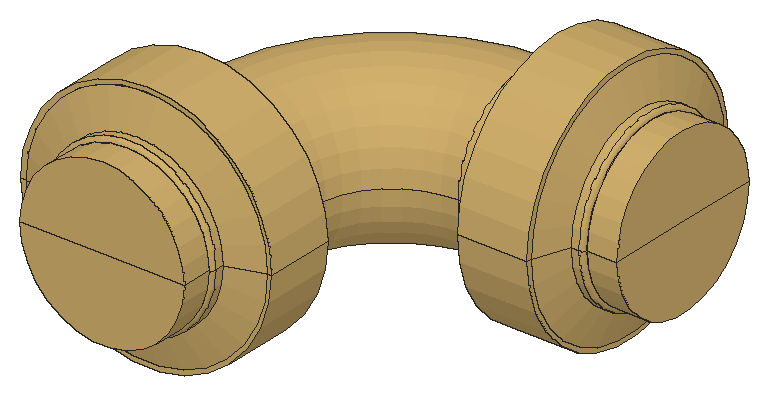
Revit family "tc", category Pipe Fittings, Revit 2018
Family settings
  Round Connector Dimension = Use Diameter
  Part Type = Elbow
  OmniClass Number = 23.27.43.00
  Work Plane-Based = No
  Always vertical = Yes
  Cut with Voids When Loaded = No
  Shared = No
Parameters (values of type "90130-80-110-168")
  URL = "https://www.aignep.com/"
  Tick Size [instance] = Nominal Diameter * 0.4  # 67.20 mm
  QR code = "https://www.bimobject.com/aignep/product/elbow-connector-90130-80-110-168"
  Product url = "https://www.aignep.com/eng/Pipe-fittings-INFINITY/Air-Pipeline-INFINITY-Series/ELBOW-CONNECTOR2"
  Product name = "Elbow Connector 90130"
  Product group = "Fittings"
  Product family = "INFINITY"
  Product data url = "https://www.bimobject.com/aignep/product/elbow-connector-90130-80-110-168"
  Product certification = "https://www.aignep.com/eng/Certificazioni/FREE-OF-SILICON"
  Product SKU = "Elbow-Connector-90130-80-110-168"
  Product Material = AIGNEP - Brass - Yellow
  Product Guid = "f8e249cf-ef4c-4725-8d01-a2e5ac593bd8"
  OmniClass Description = "Pipe Fittings"
  OmniClass Code = "23-27 43 00"
  Nominal Diameter [instance] = 168.00 mm
  Model = "90130-80-110-168"
  Material main = "Aluminium"
  Manufacturer name = "Aignep Spa"
  Manufacturer country = "Italy"
  Manufacturer = "Aignep Spa"
  Lookup Table Name = "90130_80-110-168"  # constant formula
  L [instance] = size_lookup(Lookup Table Name, "L", 0.00 mm, D)  # 393.00 mm
  Keynote = "15410"
  IFC Classification = "Pipe Fitting"
  H_Outside [instance] = size_lookup(Lookup Table Name, "H_Outside", 0.00 mm, D)  # 37.00 mm
  H_Nut [instance] = size_lookup(Lookup Table Name, "H_Nut", 0.00 mm, D)  # 125.00 mm
  Edition number = 1
  E [instance] = size_lookup(Lookup Table Name, "E", 0.00 mm, D)  # 306.00 mm
  Design country = "Italy"
  Description = "Elbow Conector"  # constant formula
  D [instance] = Nominal Diameter  # 168.00 mm
  CH [instance] = size_lookup(Lookup Table Name, "CH", 0.00 mm, D)  # 10.00 mm
  Outside Diameter [instance] = size_lookup(Lookup Table Name, "Outside Diameter", 0.00 mm, D)  # 200.00 mm
  C [instance] = size_lookup(Lookup Table Name, "C", 0.00 mm, D)  # 81.50 mm
  BIMobject category = "Joints"
  B [instance] = size_lookup(Lookup Table Name, "B", 0.00 mm, D)  # 194.00 mm
  Assembly Code = "D2040100"
  Article Code [instance] = size_lookup(Lookup Table Name, "", "NA", D)  # "90130 00 009"
Reference planes
  plane 1 "Center (Front/Back)": y = -11.5
  plane 2: z = 0
  plane 3 "Center (Left/Right)": x = 0
  plane 4: x = 81.5
  plane 5: x = 393
  plane 6: x = -84
  plane 7: x = 84
  plane 8: x = -153
  plane 9: x = 153
  plane 10: y = 88.5
  plane 11: y = -111.5
  plane 12: y = -210.5
  plane 13: y = 141.5
  plane 14: y = -164.5
  plane 15: y = 72.5
  plane 16: y = -95.5
  plane 17: x = 231
  plane 18: x = 356
  plane 19: y = -242.5
  plane 20: y = -367.5
  plane 21: y = -404.5
  plane 22: x = 199
  plane 23: x = -100
  plane 24: x = 100
  plane 25: x = -153
  plane 26: x = -32.938
Forms (mm)
  Revolve 1, solid, material "AIGNEP - Brass - Yellow" <- "Product Material", detail levels fine
    sketch origin (0, 0, 0) x (1, 0, 0) y (0, 1, 0)
      loop
        line (356, 88.5) -> (356, -11.5) -> (393, -11.5) -> (393, 88.5) -> (356, 88.5)
      axis (356, -11.5) -> (393, -11.5)
    angle from 0 to 360
  Revolve 2, solid, material "AIGNEP - Brass - Yellow" <- "Product Material", detail levels fine
    sketch origin (0, 0, 0) x (1, 0, 0) y (0, 1, 0)
      loop
        line (0, -367.5) -> (0, -404.5) -> (100, -404.5) -> (100, -367.5) -> (0, -367.5)
      axis (0, -367.5) -> (0, -404.5)
    angle from 0 to 360
  Sweep 3, solid, material "AIGNEP - Brass - Yellow" <- "Product Material", detail levels fine
    path origin (0, 0, 0) x (1, 0, 0) y (0, 1, 0)
      loop
        line (0, -242.5) -> (0, -210.5)
        arc (0, -210.5) -> (58.286, -69.786) -> (199, -11.5) r 199
        line (199, -11.5) -> (231, -11.5)
    profile origin (0, -226.5, 0) x (-1, 0, 0) y (0, 0, 1)
      loop
        circle (0, 0) r 100
  Revolve 4, solid, material "AIGNEP - Brass - Yellow" <- "Product Material", detail levels fine
    sketch origin (0, 0, 0) x (1, 0, 0) y (0, 1, 0)
      loop
        line (241, -164.5) -> (326, -164.5) -> (326, -158.971) -> (340.452, -116.5) -> (350.452, -116.5)
        arc (350.452, -116.5) -> (354.375, -114.875) -> (356, -110.952) r 5.548
        line (356, -110.952) -> (356, -11.5) -> (231, -11.5) -> (231, -111.5) -> (241, -143.949) -> (241, -164.5)
      axis (231, -11.5) -> (356, -11.5)
    angle from 0 to 360
  Revolve 5, solid, material "AIGNEP - Brass - Yellow" <- "Product Material", detail levels fine
    sketch origin (0, 0, 0) x (1, 0, 0) y (0, 1, 0)
      loop
        line (153, -252.5) -> (141.114, -252.5) -> (100, -242.5) -> (0, -242.5) -> (0, -367.5) -> (100, -367.5)
        arc (100, -367.5) -> (103.25, -365.252) -> (104.5, -361.504) r 6.245
        line (104.5, -361.504) -> (104.5, -351.504) -> (147.471, -337.5) -> (153, -337.5) -> (153, -252.5)
      axis (0, -242.5) -> (0, -367.5)
    angle from 0 to 360
Lines and regions (mm)
  model lines, detail levels coarse+medium
    curve 1: line (393, 55.7, 0) -> (393, -78.7, 0)
    curve 2: line (-67.2, -404.5, 0) -> (67.2, -404.5, 0)
    curve 3: arc (393, -11.5, 0) -> (108.476, -119.976, 0) -> (0, -404.5, 0) r 372.419
Dimensions and locks
  "L": plane 3 "Center (Left/Right)" to plane 5
  "C": plane 3 "Center (Left/Right)" to plane 4
  equal spacing: plane 6, plane 3 "Center (Left/Right)", plane 7
  "D": plane 6 to plane 7
  equal spacing: plane 8, plane 3 "Center (Left/Right)", plane 9
  "E": plane 8 to plane 9
  equal spacing: plane 10, plane 1 "Center (Front/Back)", plane 11
  "Outside Diameter": plane 10 to plane 11
  equal spacing: plane 13, plane 1 "Center (Front/Back)", plane 14
  "E": plane 13 to plane 14
  equal spacing: plane 15, plane 1 "Center (Front/Back)", plane 16
  "D": plane 15 to plane 16
  "H_Nut": plane 17 to plane 18
  "L": plane 21 to plane 1 "Center (Front/Back)"
  "B": plane 22 to plane 5
  "B": plane 12 to plane 21
  "H_Nut": plane 19 to plane 20
  "H_Outside": plane 18 to plane 5
  "H_Outside": plane 20 to plane 21
  equal spacing: plane 23, plane 3 "Center (Left/Right)", plane 24
  "Outside Diameter": plane 23 to plane 24
  locked: Revolve 5 sketch curve to Revolve 5 sketch curve at 10
  locked: Revolve 5 sketch curve to Revolve 2 at 30
  Revolve 5 sketch curve to Revolve 5 sketch curve = 14.004 mm
  locked: Revolve 4 sketch curve to Revolve 4 sketch curve at 10
  locked: Revolve 4 sketch curve to Revolve 4 sketch curve at 30
  locked: Revolve 4 sketch curve to Revolve 4 sketch curve at 14.452
  locked: plane 24 to Revolve 5 sketch curve at 4.5
  locked: Revolve 4 sketch curve to plane 11 at 5
  locked: Revolve 4 sketch curve to Revolve 4 sketch curve at 20.551
  "Tick Size": plane 1 "Center (Front/Back)" to curve 1
  "Tick Size": curve 1 to plane 1 "Center (Front/Back)"
  "Tick Size": curve 2 to plane 3 "Center (Left/Right)"
  "Tick Size": plane 3 "Center (Left/Right)" to curve 2
  "Outside Diameter": diameter of Sweep 3 sketch curve
  aligned and locked: level to plane 2
  aligned and locked: plane 10 to Revolve 1 sketch curve
  aligned and locked: plane 18 to Revolve 1 sketch curve
  aligned and locked: Revolve 1 sketch curve to plane 1 "Center (Front/Back)"
  aligned and locked: plane 1 "Center (Front/Back)" to Revolve 1 sketch curve
  aligned and locked: plane 3 "Center (Left/Right)" to Revolve 2 sketch curve
  aligned and locked: Revolve 2 sketch curve to plane 20
  aligned and locked: Revolve 2 sketch curve to plane 21
  aligned and locked: Revolve 2 sketch curve to plane 3 "Center (Left/Right)"
  aligned and locked: Revolve 2 sketch curve to plane 24
  aligned and locked: plane 12 to Sweep 3 sketch curve
  aligned and locked: plane 3 "Center (Left/Right)" to Sweep 3 sketch curve
  aligned and locked: plane 1 "Center (Front/Back)" to Sweep 3 sketch curve
  aligned and locked: plane 17 to Sweep 3 sketch curve
  aligned and locked: plane 19 to Sweep 3 sketch curve
  aligned and locked: plane 1 "Center (Front/Back)" to Revolve 4 sketch curve  (x2)
  aligned and locked: plane 3 "Center (Left/Right)" to Revolve 5 sketch curve
  aligned and locked: Revolve 5 sketch curve to plane 20
  aligned and locked: Revolve 5 sketch curve to plane 19
  aligned and locked: Revolve 5 sketch curve to plane 3 "Center (Left/Right)"
  aligned and locked: plane 24 to Revolve 5 sketch curve  (x2)
  aligned and locked: plane 9 to Revolve 5 sketch curve
  aligned and locked: Revolve 4 sketch curve to plane 18
  aligned and locked: plane 14 to Revolve 4 sketch curve
  aligned and locked: Revolve 4 sketch curve to plane 11
  aligned and locked: Revolve 5 to plane 19
  aligned and locked: curve 1 to plane 5
  aligned and locked: curve 2 to plane 21
  aligned and locked: plane 3 "Center (Left/Right)" to curve 3
  aligned and locked: plane 1 "Center (Front/Back)" to curve 3
Automatic sketch dimensions
  Revolve 1 sketch curve to Revolve 1 sketch curve = 10.00 mm
  Revolve 1 sketch curve to Revolve 1 sketch curve = 80.00 mm
  Revolve 2 sketch curve to Revolve 2 sketch curve = 15.00 mm
  Revolve 2 sketch curve to Revolve 2 sketch curve = 70.00 mm
  Revolve 1 sketch curve to plane 5 = 0.00 mm
  Revolve 4 sketch curve to plane 17 = 0.00 mm
  plane 11 to Revolve 4 sketch curve = 0.548 mm  (x2)
  Revolve 4 sketch curve to Revolve 4 sketch curve = 5.529 mm
  plane 5 to Revolve 4 sketch curve = 30.00 mm
  Revolve 4 sketch curve to Revolve 4 sketch curve = 125.00 mm
  Revolve 5 sketch curve to plane 24 = 1.745 mm
  Revolve 5 sketch curve to plane 9 = 11.886 mm
  Revolve 5 sketch curve to plane 9 = 5.529 mm
  Revolve 5 sketch curve to plane 21 = 25.00 mm
  Revolve 5 sketch curve to Revolve 5 sketch curve = 70.00 mm
  plane 18 to curve 3 = 15.816 mm
  Sweep 3 sketch curve to level = 0.00 mm
  Sweep 3 sketch curve to profile plane = 0.00 mm
Connectors
  piping at (0, -404.5, 0), diameter 168, driven by "Nominal Diameter"
    settings: on Revolve 2, index 1, connector inside diameter 609.60 mm, connector length 0.00 mm, flow factor 0, pipe flow 0.0 L/s, pressure drop 0.0 Pa, fitting loss kfactor 0, connector angle 90.00°, fixture units 0, engagement length 0.00 mm, angle of deflection 0.00°, flow configuration 1, flow direction 1, fitting loss method 0, system type 28, joint type 0, gender type 0, connector reference index 2, connector utility 0, adjustable connector no, is connector primary yes, connector description ""
  piping at (393, -11.5, 0), diameter 168, driven by "Nominal Diameter"
    settings: on Revolve 1, index 2, connector inside diameter 609.60 mm, connector length 0.00 mm, flow factor 0, pipe flow 0.0 L/s, pressure drop 0.0 Pa, fitting loss kfactor 0, connector angle 90.00°, fixture units 0, engagement length 0.00 mm, angle of deflection 0.00°, flow configuration 1, flow direction 1, fitting loss method 0, system type 28, joint type 0, gender type 0, connector reference index 1, connector utility 0, adjustable connector no, is connector primary no, connector description ""
